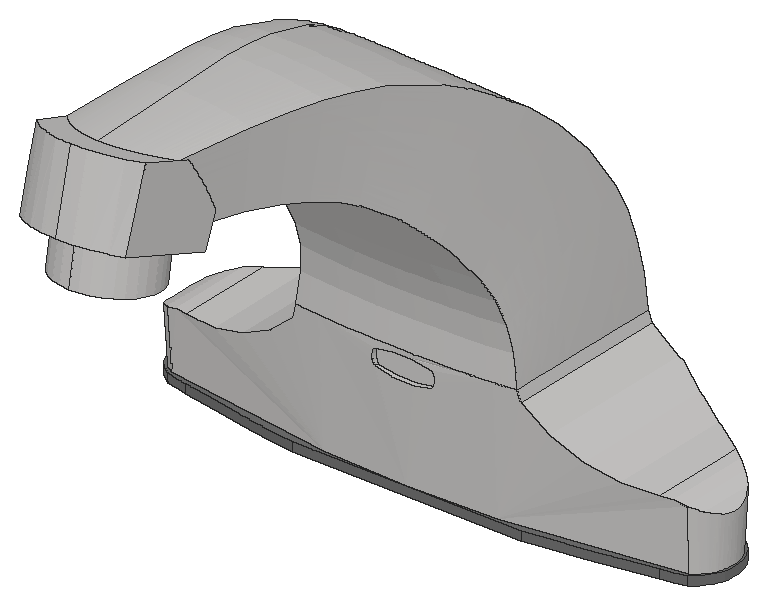
Revit family "16-197L", category Specialty Equipment, Revit 2018
Family settings
  Round Connector Dimension = Use Diameter
  Part Type = Normal
  OmniClass Number = 23.45.05.14
  OmniClass Title = Plumbing Fixtures - Sanitary Washing Units
  Work Plane-Based = No
  Always vertical = Yes
  Cut with Voids When Loaded = No
  Shared = No
  Room Calculation Point = No
Parameters
  URL Cutsheet = ""
  Serial Number = ""
  Plumbing Remarks = ""
  Plumbing Connection Type = ""
  Model = "16-197L"
  Masterspec = ""
  Manufacturer = "Krowne Metal"
  Item Number = ""
  Inlet Size = 1/2"
  Hot Water Size = 1/2"
  Hot Water RI Height = 0"
  Hot Water Flow = 2.2 GPM
  Hot Water Connection Height = 0"
  Foodservice Equipment Identifier = yes
  Description = "4\" Center Deck Mount with Cast Spout"
  Cold Water Size = 1/2"
  Cold Water RI Height = 0"
  Cold Water Flow = 2.2 GPM
  Cold Water Connection Height = 0"
  Assembly Code = "D2010400"
Reference planes (in)
  plane 1 "Center (Front/Back)": y = 0
  plane 2: z = 0.00154
  plane 3 "Center (Left/Right)": x = 0
  plane 4: x = -3
  plane 5: x = 3
  plane 6: x = -1.125
  plane 7: x = 1.125
  plane 8: y = -4.75
  plane 9: y = 1.125
  plane 10: y = -1.125
Forms (in)
  SweptBlend 1, solid, material "STEEL"
    path origin (0, 0.00246, -16.11474) x (0, -1, 0) y (0, 0, 1)
      loop
        line (0, 17.47207) -> (0, 16.20466)
    profile origin (0, 0.00246, 1.35733) x (-1, 0, 0) y (0, -1, 0)
      loop
        arc (-2.65199, 0.81739) -> (-2.87235, 0.46055) -> (-2.70917, 0.07421) r 0.45724
        arc (-2.70917, 0.07421) -> (0, -0.90661) -> (2.70917, 0.07421) r 4.23198
        arc (2.70917, 0.07421) -> (2.87087, 0.47624) -> (2.62445, 0.83268) r 0.45724
        arc (2.62445, 0.83268) -> (-0.01459, 1.10646) -> (-2.65199, 0.81739) r 12.50685
    end profile origin (0, 0.00246, 0.08992) x (-1, 0, 0) y (0, -1, 0)
      loop
        arc (2.60308, 0.77332) -> (-0.01336, 1.04396) -> (-2.62823, 0.75861) r 12.44435
        arc (-2.62823, 0.75861) -> (-2.81039, 0.45081) -> (-2.66916, 0.12222) r 0.39474
        arc (-2.66916, 0.12222) -> (0, -0.84411) -> (2.66916, 0.12222) r 4.16948
        arc (2.66916, 0.12222) -> (2.80918, 0.46534) -> (2.60308, 0.77332) r 0.39474
  Extrusion 2, void
    sketch origin (0, 0.00246, -16.57535) x (1, 0, 0) y (0, 0, -1)
      loop
        arc (1.15269, -17.82463) -> (1.10839, -18.01531) -> (1.12447, -18.21041) r 0.63306
        line (1.12447, -18.21041) -> (3.41919, -18.21041) -> (3.41919, -16.45861) -> (2.98426, -16.45861) -> (2.98426, -16.94519)
        arc (2.98426, -16.94519) -> (2.75293, -17.23127) -> (2.39892, -17.33143) r 0.60766
        arc (2.39892, -17.33143) -> (1.72364, -17.4462) -> (1.15269, -17.82463) r 1.65467
    from -1.46929 to 4.61542
  Extrusion 3, solid, material "QF_Rubber-Black"
    sketch origin (0, 0.05714, 0.08992) x (-1, 0, 0) y (0, -1, 0)
      loop
        spline (-1.15261, 1.10061) -> (-1.23666, 1.08835) -> (-1.32587, 1.07496) -> (-1.41984, 1.06048) -> (-1.5181, 1.045) -> (-1.62018, 1.02857) -> (-1.7256, 1.01129) -> (-1.83385, 0.99324) -> (-1.94442, 0.97449) -> (-2.05678, 0.95515) -> (-2.17039, 0.93529) -> (-2.2847, 0.91503) -> (-2.39917, 0.89445)
        spline (-2.39917, 0.89445) -> (-2.41971, 0.89033) -> (-2.44024, 0.88615) -> (-2.46074, 0.88191) -> (-2.48118, 0.87763) -> (-2.50154, 0.87331) -> (-2.52179, 0.86895) -> (-2.54192, 0.86456) -> (-2.5619, 0.86014) -> (-2.58172, 0.85569) -> (-2.60134, 0.85123) -> (-2.62076, 0.84675) -> (-2.63994, 0.84226)
        spline (-2.63994, 0.84226) -> (-2.69219, 0.80272) -> (-2.73711, 0.75628) -> (-2.77453, 0.70329) -> (-2.80396, 0.64438) -> (-2.82411, 0.58036) -> (-2.83468, 0.51232) -> (-2.83408, 0.44268) -> (-2.82307, 0.375) -> (-2.80187, 0.31106) -> (-2.77189, 0.25263) -> (-2.73394, 0.20019) -> (-2.6882, 0.15406)
        spline (-2.6882, 0.15406) -> (-2.666, 0.13491) -> (-2.64336, 0.11577) -> (-2.62032, 0.09667) -> (-2.5969, 0.07763) -> (-2.57312, 0.05866) -> (-2.54901, 0.03979) -> (-2.5246, 0.02103) -> (-2.49991, 0.00242) -> (-2.47497, -0.01604) -> (-2.44981, -0.03432) -> (-2.42445, -0.0524) -> (-2.39892, -0.07027)
        spline (-2.39892, -0.07027) -> (-2.31559, -0.131) -> (-2.23139, -0.18891) -> (-2.14622, -0.24411) -> (-2.06013, -0.29667) -> (-1.97366, -0.34642) -> (-1.88745, -0.39315) -> (-1.80214, -0.43668) -> (-1.71826, -0.47698) -> (-1.63664, -0.51399) -> (-1.55826, -0.54762) -> (-1.48316, -0.57816) -> (-1.41115, -0.606)
        arc (-1.41115, -0.606) -> (-0.0042, -0.70912) -> (1.40275, -0.60608) r 9.65318
        spline (1.40275, -0.60608) -> (1.47542, -0.57816) -> (1.55121, -0.54752) -> (1.63032, -0.51377) -> (1.71271, -0.47661) -> (1.79738, -0.43612) -> (1.88349, -0.3924) -> (1.97051, -0.34543) -> (2.05778, -0.29544) -> (2.1446, -0.24265) -> (2.23039, -0.18726) -> (2.31513, -0.12921) -> (2.39892, -0.06839)
        spline (2.39892, -0.06839) -> (2.42431, -0.05052) -> (2.44954, -0.03244) -> (2.47459, -0.01418) -> (2.49942, 0.00424) -> (2.52401, 0.02282) -> (2.54834, 0.04152) -> (2.57237, 0.06032) -> (2.59608, 0.07921) -> (2.61945, 0.09817) -> (2.64244, 0.11717) -> (2.66505, 0.13619) -> (2.68723, 0.15522)
        spline (2.68723, 0.15522) -> (2.73439, 0.20305) -> (2.77317, 0.25763) -> (2.80334, 0.31857) -> (2.82395, 0.38528) -> (2.8335, 0.45562) -> (2.83181, 0.52756) -> (2.81828, 0.59712) -> (2.79474, 0.66198) -> (2.76151, 0.72105) -> (2.72015, 0.77339) -> (2.67064, 0.81861) -> (2.61325, 0.85625)
        spline (2.61325, 0.85625) -> (2.59585, 0.86026) -> (2.57829, 0.86424) -> (2.56058, 0.86819) -> (2.54273, 0.8721) -> (2.52476, 0.87598) -> (2.50669, 0.87981) -> (2.48852, 0.88361) -> (2.47029, 0.88735) -> (2.45199, 0.89104) -> (2.43366, 0.89469) -> (2.4153, 0.89827) -> (2.39693, 0.90179)
        spline (2.39693, 0.90179) -> (2.28294, 0.92362) -> (2.16906, 0.94483) -> (2.05584, 0.96533) -> (1.94383, 0.98502) -> (1.83354, 1.0038) -> (1.72552, 1.02159) -> (1.62027, 1.0383) -> (1.5183, 1.05385) -> (1.42009, 1.06817) -> (1.32611, 1.08118) -> (1.23682, 1.09284) -> (1.15263, 1.10307)
        arc (1.15263, 1.10307) -> (-0.00017, 1.16118) -> (-1.15296, 1.10307) r 11.4639
    from -0.08903 to 0
  Extrusion 4, void
    sketch origin (0, 0.00246, -16.6066) x (-1, 0, 0) y (0, 0, 1)
      loop
        arc (1.15269, 17.82463) -> (1.72364, 17.4462) -> (2.39892, 17.33143) r 1.65467
        arc (2.39892, 17.33143) -> (2.75293, 17.23127) -> (2.98426, 16.94519) r 0.60766
        line (2.98426, 16.94519) -> (2.98426, 16.45861) -> (3.41919, 16.45861) -> (3.41919, 18.21041) -> (1.12447, 18.21041)
        arc (1.12447, 18.21041) -> (1.10839, 18.01531) -> (1.15269, 17.82463) r 0.63306
    from -1.46929 to 4.61542
  Extrusion 5, void
    sketch origin (0, 0.00246, -16.27099) x (-1, 0, 0) y (0, 0, 1)
      loop
        arc (-0.29807, 17.53547) -> (-0.3225, 17.45084) -> (-0.29807, 17.3662) r 0.15879
        arc (-0.29807, 17.3662) -> (-0.0025, 17.32667) -> (0.29307, 17.3662) r 1.12471
        arc (0.29307, 17.3662) -> (0.31387, 17.45084) -> (0.29307, 17.53547) r 0.18253
        arc (0.29307, 17.53547) -> (-0.0025, 17.57667) -> (-0.29807, 17.53547) r 1.08084
    from -1.46929 to -1.04133
  Revolve 6, solid, material "STEEL"
    sketch origin (0, 3.38193, -15.00336) x (0, 0.984808, 0.173648) y (0, -0.173648, 0.984808)
      loop
        line (-4.67125, 20.32441) -> (-4.87702, 19.7772) -> (-4.53176, 19.64737)
        arc (-4.53176, 19.64737) -> (-4.51026, 19.65755) -> (-4.49728, 19.67749) r 0.04368
        line (-4.49728, 19.67749) -> (-4.40754, 19.64374) -> (-4.21596, 20.1532) -> (-4.67125, 20.32441)
      axis (-4.67125, 20.32441) -> (-4.87702, 19.7772)
    angle from 0 to 360
  Extrusion 7, void
    sketch origin (0, 0, -16.32813) x (0, 1, 0) y (0, 0, 1)
      loop
        line (0.5846, 17.98301) -> (0.70136, 16.41887) -> (0.94859, 16.41887) -> (0.94859, 18.04719) -> (0.5846, 17.98301)
    from -1.59589 to 1.5186
  SweptBlend 8, solid, material "STEEL"
    path origin (0, 0, -16.32813) x (0, 1, 0) y (0, 0, 1)
      loop
        line (-4.78015, 20.35573) -> (-4.50719, 21.10567)
    profile origin (0, -4.78015, 4.0276) x (0, -0.939693, 0.34202) y (1, 0, 0)
      loop
        circle (0, 0) r 0.75
    end profile origin (0, -4.50719, 4.77755) x (0, -0.939693, 0.34202) y (1, 0, 0)
      loop
        spline (0.83709, 0) -> (0.80857, 0.19411) -> (0.72494, 0.375) -> (0.59191, 0.53033) -> (0.41855, 0.64952) -> (0.21666, 0.72444) -> (0, 0.75) -> (-0.21666, 0.72444) -> (-0.41855, 0.64952) -> (-0.59191, 0.53033) -> (-0.72494, 0.375) -> (-0.80857, 0.19411) -> (-0.83709, 0)
        spline (-0.83709, 0) -> (-0.80857, -0.19411) -> (-0.72494, -0.375) -> (-0.59191, -0.53033) -> (-0.41855, -0.64952) -> (-0.21666, -0.72444) -> (0, -0.75) -> (0.21666, -0.72444) -> (0.41855, -0.64952) -> (0.59191, -0.53033) -> (0.72494, -0.375) -> (0.80857, -0.19411) -> (0.83709, 0)
  Extrusion 9, void
    sketch origin (0, 0, 0.00154) x (1, 0, 0) y (0, 1, 0)
      loop
        line (-0.61145, -3.89192) -> (-0.82788, -3.90282) -> (-0.82788, -6.09681) -> (0.83781, -6.09681) -> (0.83781, -3.88585) -> (0.60881, -3.88585) -> (0.51061, -5.83654) -> (-0.51355, -5.83654) -> (-0.61145, -3.89192)
    from 3.5 to 5.02637
  SweptBlend 10, solid, material "STEEL"
    path origin (0, -0.08594, -16.32813) x (0, 1, 0) y (0, 0, 1)
      loop
        spline (-0.01562, 17.68546) -> (-0.11428, 18.35008) -> (-0.36874, 18.88161) -> (-0.71677, 19.30352) -> (-1.09614, 19.63925) -> (-1.45975, 19.90941) -> (-1.81201, 20.12477) -> (-2.16821, 20.29407) -> (-2.54367, 20.42601) -> (-2.95775, 20.52948) -> (-3.45746, 20.61454) -> (-4.10142, 20.69171) -> (-4.94829, 20.77155)
    profile origin (0, -0.10156, 1.35733) x (0, -1, 0) y (1, 0, 0)
      loop
        line (-0.70837, -1.11427) -> (0.95467, -1.11427)
        arc (0.95467, -1.11427) -> (1.00247, 0.00294) -> (0.95028, 1.11995) r 12.50685
        line (0.95028, 1.11995) -> (-0.70837, 1.11995) -> (-0.70837, -1.11427)
    end profile origin (0, -5.03423, 4.44342) x (0, -0.087156, -0.996195) y (1, 0, 0)
      loop
        spline (0.19403, 0.54005) -> (0.14394, 0.54078) -> (0.09386, 0.54151) -> (0.04377, 0.54224) -> (-0.0063, 0.54298) -> (-0.05638, 0.54371) -> (-0.10645, 0.54445) -> (-0.15652, 0.54519) -> (-0.20658, 0.54592) -> (-0.25665, 0.54666) -> (-0.30671, 0.5474) -> (-0.35676, 0.54814) -> (-0.40682, 0.54888)
        spline (-0.40682, 0.54888) -> (-0.42069, 0.51265) -> (-0.43358, 0.47403) -> (-0.44543, 0.43319) -> (-0.45619, 0.39032) -> (-0.4658, 0.34562) -> (-0.47423, 0.29931) -> (-0.48142, 0.25159) -> (-0.48736, 0.2027) -> (-0.492, 0.15286) -> (-0.49534, 0.10231) -> (-0.49734, 0.05127) -> (-0.49801, 0)
        spline (-0.49801, 0) -> (-0.49733, -0.05165) -> (-0.4953, -0.10306) -> (-0.49191, -0.15398) -> (-0.4872, -0.20417) -> (-0.48118, -0.25339) -> (-0.47388, -0.3014) -> (-0.46533, -0.34799) -> (-0.45558, -0.39292) -> (-0.44467, -0.43598) -> (-0.43265, -0.47698) -> (-0.41959, -0.51571) -> (-0.40554, -0.55199)
        spline (-0.40554, -0.55199) -> (-0.35559, -0.55125) -> (-0.30564, -0.55051) -> (-0.25569, -0.54977) -> (-0.20573, -0.54903) -> (-0.15577, -0.54829) -> (-0.10581, -0.54756) -> (-0.05584, -0.54682) -> (-0.00588, -0.54609) -> (0.04409, -0.54535) -> (0.09407, -0.54462) -> (0.14405, -0.54388) -> (0.19403, -0.54315)
        line (0.19403, -0.54315) -> (0.19403, 0.54005)
Cuts and joins
  Extrusion 2, Extrusion 4, Extrusion 5, Extrusion 7 cuts SweptBlend 1
  joined: SweptBlend 1, SweptBlend 10
  Extrusion 9 cuts SweptBlend 8
Dimensions and locks (in)
  equal spacing: plane 5, plane 3 "Center (Left/Right)", plane 4, locked at 3 each
  locked: plane 5 to plane 4 at 6
  equal spacing: plane 7, plane 3 "Center (Left/Right)", plane 6
  plane 7 to plane 6 = 2 1/4"
  plane 6 to plane 7 = 2 1/4"
  plane 4 to plane 5 = 6"
  plane 1 "Center (Front/Back)" to plane 8 = 4 3/4"
  equal spacing: plane 9, plane 1 "Center (Front/Back)", plane 10
  plane 9 to plane 10 = 2 1/4"
  aligned and locked: level to plane 2
Automatic sketch dimensions
  SweptBlend 1 sketch curve to plane 1 "Center (Front/Back)" = 0.00246"
  level to SweptBlend 1 sketch curve = 0.08839"
  SweptBlend 1 sketch curve to SweptBlend 1 sketch curve = 1.26741"
  Extrusion 2 sketch curve to plane 7 = 0.00053"
  plane 7 to Extrusion 2 sketch curve = 0.61477"
  Extrusion 2 sketch curve to plane 5 = 0.66748"
  level to Extrusion 2 sketch curve = 0.1472"
  Extrusion 2 sketch curve to plane 5 = 0.58174"
  Extrusion 2 sketch curve to plane 5 = 0.01574"
  Extrusion 2 sketch curve to level = 0.11827"
  plane 5 to Extrusion 2 sketch curve = 0.41919"
  level to Extrusion 2 sketch curve = 0.36831"
  Extrusion 2 sketch curve to Extrusion 2 sketch curve = 1.33741"
  Extrusion 2 sketch curve to Extrusion 2 sketch curve = 1.26522"
  Extrusion 2 sketch curve to Extrusion 2 sketch curve = 0.02822"
  plane 6 to Extrusion 4 sketch curve = 0.00053"
  Extrusion 4 sketch curve to plane 6 = 0.61477"
  plane 4 to Extrusion 4 sketch curve = 0.66748"
  level to Extrusion 4 sketch curve = 0.11595"
  plane 4 to Extrusion 4 sketch curve = 0.58174"
  plane 4 to Extrusion 4 sketch curve = 0.01574"
  Extrusion 4 sketch curve to level = 0.14952"
  Extrusion 4 sketch curve to plane 4 = 0.41919"
  level to Extrusion 4 sketch curve = 0.33706"
  level to Extrusion 4 sketch curve = 1.45337"
  Extrusion 4 sketch curve to Extrusion 4 sketch curve = 1.26522"
  Extrusion 4 sketch curve to Extrusion 4 sketch curve = 0.92327"
  Extrusion 4 sketch curve to Extrusion 4 sketch curve = 0.02822"
  plane 9 to Extrusion 7 sketch curve = 0.42364"
  plane 9 to Extrusion 7 sketch curve = 0.17641"
  level to Extrusion 7 sketch curve = 0.08921"  (x2)
  Extrusion 7 sketch curve to Extrusion 7 sketch curve = 0.06418"
  plane 8 to Revolve 6 sketch curve = 0.10528"
  Revolve 6 sketch curve to Revolve 6 sketch curve = 0.00723"
  Revolve 6 sketch curve to Revolve 6 sketch curve = 0.04172"
  Revolve 6 sketch curve to Revolve 6 sketch curve = 0.08974"
  Revolve 6 sketch curve to Revolve 6 sketch curve = 0.08675"
  Revolve 6 sketch curve to Revolve 6 sketch curve = 0.01296"
  Revolve 6 sketch curve to Revolve 6 sketch curve = 0.03375"
  Revolve 6 sketch curve to Revolve 6 sketch curve = 0.03089"
  Revolve 6 sketch curve to Revolve 6 sketch curve = 0.03199"
  Revolve 6 sketch curve to Revolve 6 sketch curve = 0.19158"
  Revolve 6 sketch curve to Revolve 6 sketch curve = 0.08214"
  Revolve 6 sketch curve to Revolve 6 sketch curve = 0.08507"
  SweptBlend 8 sketch curve to plane 3 "Center (Left/Right)" = 0"  (x2)
  SweptBlend 8 sketch curve to profile plane = 0"  (x2)
  SweptBlend 8 sketch curve to profile plane = 0.83709"
  plane 3 "Center (Left/Right)" to Extrusion 5 sketch curve = 0.16371"
  plane 3 "Center (Left/Right)" to Extrusion 5 sketch curve = 0.0025"  (x2)
  Extrusion 5 sketch curve to plane 3 "Center (Left/Right)" = 0.13134"
  level to Extrusion 5 sketch curve = 0.2233"
  Extrusion 5 sketch curve to Extrusion 5 sketch curve = 0.95501"
  Extrusion 5 sketch curve to Extrusion 5 sketch curve = 0"
  Extrusion 5 sketch curve to Extrusion 5 sketch curve = 1.00054"
  Extrusion 5 sketch curve to Extrusion 5 sketch curve = 0.13435"  (x2)
  Extrusion 5 sketch curve to Extrusion 5 sketch curve = 0.16173"
  Extrusion 5 sketch curve to Extrusion 5 sketch curve = 0.08464"
  plane 6 to Extrusion 9 sketch curve = 0.29712"
  Extrusion 9 sketch curve to Extrusion 9 sketch curve = 0.21643"
  Extrusion 9 sketch curve to Extrusion 9 sketch curve = 0.31433"
  plane 3 "Center (Left/Right)" to Extrusion 9 sketch curve = 0.51061"
  Extrusion 9 sketch curve to plane 7 = 0.51619"
  Extrusion 9 sketch curve to plane 7 = 0.28719"
  plane 8 to Extrusion 9 sketch curve = 1.34681"
  Extrusion 9 sketch curve to Extrusion 9 sketch curve = 0.26027"
  Extrusion 9 sketch curve to plane 8 = 0.84718"
  Extrusion 9 sketch curve to plane 8 = 0.86415"
  plane 8 to SweptBlend 8 sketch curve = 0.03015"
  SweptBlend 8 sketch curve to plane 8 = 0.24281"
  plane 8 to SweptBlend 10 sketch curve = 0.28423"
  plane 1 "Center (Front/Back)" to SweptBlend 10 sketch curve = 13/128"
  level to SweptBlend 10 sketch curve = 1.3558"
  SweptBlend 10 sketch curve to plane 3 "Center (Left/Right)" = 0"
  SweptBlend 10 sketch curve to profile plane = 0.19403"
  SweptBlend 10 sketch curve to plane 3 "Center (Left/Right)" = 0.54315"
  plane 3 "Center (Left/Right)" to SweptBlend 10 sketch curve = 0.54005"
  profile plane to SweptBlend 10 sketch curve = 0.21171"
  SweptBlend 10 sketch curve to SweptBlend 10 sketch curve = 0"
  SweptBlend 10 sketch curve to SweptBlend 10 sketch curve = 0.2863"
  SweptBlend 10 sketch curve to SweptBlend 10 sketch curve = 0.20112"
  SweptBlend 1 sketch curve to profile plane = 0"  (x2)
  SweptBlend 1 sketch curve to profile plane = 0.42548"  (x4)
  SweptBlend 1 sketch curve to profile plane = 2.41646"  (x2)
  profile plane to SweptBlend 1 sketch curve = 0.02165"  (x2)
  SweptBlend 1 sketch curve to SweptBlend 1 sketch curve = 0.23553"
  SweptBlend 1 sketch curve to profile plane = 19/256"  (x2)
  SweptBlend 1 sketch curve to SweptBlend 1 sketch curve = 0.29271"
  SweptBlend 1 sketch curve to SweptBlend 1 sketch curve = 0.20799"
  SweptBlend 1 sketch curve to SweptBlend 1 sketch curve = 0"  (x3)
  profile plane to SweptBlend 1 sketch curve = 2.41646"
  profile plane to SweptBlend 1 sketch curve = 11.40034"
  SweptBlend 1 sketch curve to profile plane = 3.32538"
  SweptBlend 1 sketch curve to SweptBlend 1 sketch curve = 0.21177"
  SweptBlend 1 sketch curve to profile plane = 0.12222"
  SweptBlend 1 sketch curve to SweptBlend 1 sketch curve = 0.18662"
  plane 1 "Center (Front/Back)" to Extrusion 3 sketch curve = 0.09691"
  Extrusion 3 sketch curve to plane 5 = 0.3118"
  Extrusion 3 sketch curve to plane 5 = 0.36006"
  Extrusion 3 sketch curve to plane 1 "Center (Front/Back)" = 0.12741"
  Extrusion 3 sketch curve to Extrusion 3 sketch curve = 0.28928"
  plane 7 to Extrusion 3 sketch curve = 0.28615"
  plane 3 "Center (Left/Right)" to Extrusion 3 sketch curve = 0.00393"
  plane 3 "Center (Left/Right)" to Extrusion 3 sketch curve = 0.00017"
  Extrusion 3 sketch curve to plane 6 = 0.27775"
  Extrusion 3 sketch curve to plane 1 "Center (Front/Back)" = 0.12553"
  plane 4 to Extrusion 3 sketch curve = 0.60108"
  plane 4 to Extrusion 3 sketch curve = 0.38675"
  plane 1 "Center (Front/Back)" to Extrusion 3 sketch curve = 0.09808"
  Extrusion 3 sketch curve to Extrusion 3 sketch curve = 0.2883"
  plane 9 to Extrusion 3 sketch curve = 0.46185"
  Extrusion 3 sketch curve to plane 9 = 9.23486"
  Extrusion 3 sketch curve to plane 10 = 0.33988"
  Extrusion 3 sketch curve to plane 10 = 0.32589"
  plane 8 to Extrusion 3 sketch curve = 4.13691"
  Extrusion 3 sketch curve to Extrusion 3 sketch curve = 0.23227"
  Extrusion 3 sketch curve to Extrusion 3 sketch curve = 0.0085"
  Extrusion 3 sketch curve to Extrusion 3 sketch curve = 0.08971"
  plane 1 "Center (Front/Back)" to Extrusion 3 sketch curve = 0.0902"
  Extrusion 3 sketch curve to Extrusion 3 sketch curve = 0.12792"
  Extrusion 3 sketch curve to plane 10 = 0.21798"
  Extrusion 3 sketch curve to Extrusion 3 sketch curve = 0.53166"
  plane 7 to Extrusion 3 sketch curve = 0.02796"
  Extrusion 3 sketch curve to Extrusion 3 sketch curve = 0.00035"
  Extrusion 3 sketch curve to plane 10 = 0.03588"
  Extrusion 3 sketch curve to plane 7 = 0.46238"
  Extrusion 3 sketch curve to plane 6 = 0.02763"
  plane 1 "Center (Front/Back)" to Extrusion 3 sketch curve = 0.08207"
  Extrusion 3 sketch curve to Extrusion 3 sketch curve = 0.12093"
  Extrusion 3 sketch curve to Extrusion 3 sketch curve = 0.30602"
  Extrusion 3 sketch curve to Extrusion 3 sketch curve = 0.0897"
  Extrusion 3 sketch curve to Extrusion 3 sketch curve = 1/128"
  Extrusion 3 sketch curve to plane 4 = 0.02559"
  plane 1 "Center (Front/Back)" to Extrusion 3 sketch curve = 0.42291"
  Extrusion 3 sketch curve to Extrusion 3 sketch curve = 0.90953"
  Extrusion 3 sketch curve to Extrusion 3 sketch curve = 0.02602"
  profile plane to SweptBlend 10 sketch curve = 0.70837"
  SweptBlend 10 sketch curve to profile plane = 0.95467"
  SweptBlend 10 sketch curve to profile plane = 0.95028"
  SweptBlend 10 sketch curve to plane 3 "Center (Left/Right)" = 1.11427"
  SweptBlend 10 sketch curve to plane 3 "Center (Left/Right)" = 0.02165"
  plane 3 "Center (Left/Right)" to SweptBlend 10 sketch curve = 1.11995"
  SweptBlend 10 sketch curve to SweptBlend 10 sketch curve = 2.49876"
  SweptBlend 10 sketch curve to profile plane = 35.32664"
  SweptBlend 10 sketch curve to plane 3 "Center (Left/Right)" = 9.73657"
  profile plane to SweptBlend 10 sketch curve = 0.40554"
  plane 3 "Center (Left/Right)" to SweptBlend 10 sketch curve = 9.11145"
  SweptBlend 10 sketch curve to SweptBlend 10 sketch curve = 139.03177"
  SweptBlend 10 sketch curve to SweptBlend 10 sketch curve = 0.19511"
  SweptBlend 8 sketch curve to SweptBlend 8 sketch curve = 0.74994"
  Extrusion 2 sketch curve to Extrusion 2 sketch curve = 0.92327"
  level to Revolve 6 sketch curve = 3.62496"
  level to SweptBlend 8 sketch curve = 4.02606"
  level to SweptBlend 10 sketch curve = 4.44188"
  radius of SweptBlend 8 sketch curve = 3/4"
Connectors (in)
  piping at (0.00322, -0.33114, 0.00089), diameter 0.5, driven by "Inlet Size"
    settings: on Extrusion 3, index 1, connector inside diameter 24", connector length 0", flow factor 0, pipe flow 0 GPM, pressure drop 0.00 psi, fitting loss kfactor 0, connector angle 0.00°, fixture units 0, engagement length 0", angle of deflection 0.00°, flow configuration 0, flow direction 1, fitting loss method 0, system type 20, joint type 0, gender type 0, connector reference index -1, connector utility 0, adjustable connector no, is connector primary yes, connector description ""
